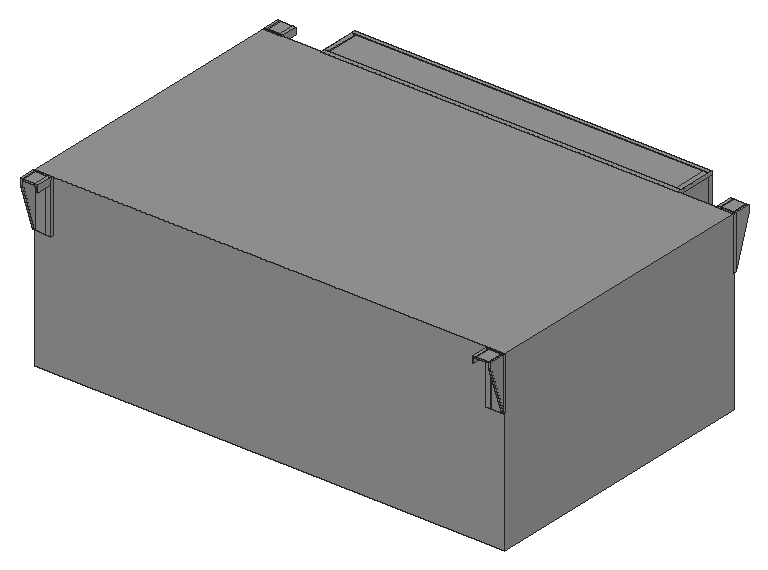
Revit family "НЕВАТОМ_Neiva 2 подвесная C-Е-R 1000, Версия 2", category Оборудование, Revit 2017
Family settings
  Размер круглого соединителя = Использовать диаметр
  Тип детали = Нормальный
  На основе рабочей плоскости = Да
  Всегда вертикально = Нет
  При загрузке вырезать с полостями = Нет
  Общий = Нет
  Точка расчета площади = Нет
Parameters (values of type "C-1000-E-R")
  длина между креплением = 1062 mm
  а ширина = 100 mm
  Default Elevation = 0 mm
  А6 = 320 mm
  А1 = 630 mm
  c = 131 mm
  Nevatom_Производительность = "1000-1800 м³/ч"
  Nevatom_Напорная характеристика, Р1 = 1000.0 Pa
  Nevatom_Напорная характеристика, P = 0.0 Pa
  Nevatom_Мощность нагревателя = 24000 W
  Nevatom_Q1, м³/ч = 2000.0 m³/h
  Nevatom_Q, м³/ч = 1000.0 m³/h
  H щита = 412 mm
  b длина = 835 mm
  Nevatom_Регулятор воздуха [instance] = ""
  Nevatom_Для задания электроснабжения [instance] = "380 В"
  Nevatom_URL [instance] = ""
  L = 1100 mm
  H = 412 mm
  D кабельного ввода PG 36 = 50 mm
  D кабельного ввода PG 21 = 32 mm
  B = 670 mm
  ADSK_Ток = 4.55 A
  ADSK_Расход воздуха = 0.0 m³/h
  ADSK_Размер_Ширина = B  # 670 mm
  ADSK_Размер_Длина = L  # 1100 mm
  ADSK_Размер_Высота = H  # 412 mm
  ADSK_Потеря давления воздуха = 0.0 Pa
  ADSK_Полная мощность = ADSK_Номинальная мощность / ADSK_Коэффициент мощности  # 287.5 VA
  ADSK_Позиция [instance] = ""
  ADSK_Номинальная мощность = 230 W
  ADSK_Напряжение = 230 V
  ADSK_Наименование = "C-1500-E-R"
  ADSK_Материал наименование [instance] = "сталь оцинкованная с покрытием"
  ADSK_Масса = 62  # constant formula
  ADSK_Марка [instance] = "C-1500-E-R"
  ADSK_Коэффициент мощности = 0.8  # constant formula
  ADSK_Количество фаз = 1
  ADSK_Количество = 1  # constant formula
  ADSK_Код изделия [instance] = ""
  ADSK_Классификация нагрузок = Двигатель
  ADSK_Завод-изготовитель [instance] = "NEVATOM"
  ADSK_Единица измерения [instance] = "шт."
Reference planes
  plane 1 "По центру (Вперед/Назад)": y = 0
  plane 2: z = 0
  plane 3 "По центру (Влево/Вправо)": x = 0
  plane 4: y = 335
  plane 5: x = 550
  plane 6: y = -335
  plane 7: x = -550
  plane 8: z = 412
  plane 9: x = 500
  plane 10: x = -500
  plane 11: y = -435
  plane 12: x = -416
  plane 13: x = 419
  plane 14: x = -536.5
  plane 15: x = 525.5
  plane 16: z = 362
  plane 17: z = 412
  plane 18: y = 435
Forms (mm)
  Extrusion 1, solid, material "Сталь, окрашенная, слоновая кость, блестящая"
    sketch origin (0, 1073.759, -352) x (1, 0, 0) y (0, 1, 0)
      loop
        line (-416, -638.759) -> (-416, -738.759) -> (419, -738.759) -> (419, -638.759) -> (-416, -638.759)
    from 352 to 362
  Extrusion 2, solid, material "Сталь, окрашенная, слоновая кость, блестящая"
    sketch origin (0, 0, 0) x (1, 0, 0) y (0, 1, 0)
      loop
        line (-550, 335) -> (-550, -335) -> (550, -335) -> (550, 335) -> (-550, 335)
    from 0 to 412
  Extrusion 3, solid, material "Сталь, окрашенная, слоновая кость, блестящая"
    sketch origin (0, 0, 0) x (1, 0, 0) y (0, 1, 0)
      loop
        line (-416, 335) -> (419, 335) -> (419, 345.139) -> (-416, 345.139) -> (-416, 335)
      loop
        line (-416, 434.49) -> (-416, 424.49) -> (419, 424.49) -> (419, 434.49) -> (-416, 434.49)
    from 0 to 412
  Extrusion 4, solid, material "Сталь, окрашенная, слоновая кость, блестящая"
    sketch origin (0, 0, 0) x (1, 0, 0) y (0, 1, 0)
      loop
        line (-416, 345.139) -> (-405.851, 345.139) -> (-405.851, 424.49) -> (-416, 424.49) -> (-416, 345.139)
    from 0 to 412
  Extrusion 5, solid, material "Сталь, окрашенная, слоновая кость, блестящая"
    sketch origin (761.851, 0, 0) x (1, 0, 0) y (0, 1, 0)
      loop
        line (-353, 345.139) -> (-342.851, 345.139) -> (-342.851, 424.49) -> (-353, 424.49) -> (-353, 345.139)
    from 0 to 412
  Extrusion 6, solid, material "Сталь, окрашенная, слоновая кость, блестящая"
    sketch origin (0, 1073.759, -72) x (1, 0, 0) y (0, 1, 0)
      loop
        line (-416, -638.759) -> (-416, -738.759) -> (419, -738.759) -> (419, -638.759) -> (-416, -638.759)
    from 474 to 484
Lines and regions (mm)
  reference lines
    curve 1: line (-550, -335, 0) -> (-416, -335, 0)
    curve 2: line (-550, -335, 0) -> (-416, -335, 0)
    curve 3: line (-550, -335, 0) -> (-416, -335, 0)
    curve 4: line (550, -335, 0) -> (419, -335, 0)
    curve 5: line (-550, -335, 0) -> (-416, -335, 0)
    curve 6: line (525.5, 0, 3.126) -> (525.5, 0, -1.874)
Dimensions and locks
  equal spacing: plane 7, plane 3 "По центру (Влево/Вправо)", plane 5
  equal spacing: plane 6, plane 1 "По центру (Вперед/Назад)", plane 4
  "B": plane 6 to plane 4
  "L": plane 7 to plane 5
  "а ширина": plane 6 to plane 11
  plane 8 to level = 412 mm
  "длина между креплением": plane 14 to plane 15
  "H": plane 8 to level
  locked: Extrusion 1 to Extrusion 1 at 10
  "b длина": plane 12 to plane 13
  "H щита": plane 17 to level
  "c": plane 13 to plane 5
  "а ширина": plane 18 to plane 4
  locked: Extrusion 3 to nested 9 at 49.502
  locked: Extrusion 3 to nested 8 at 50.222
  locked: Extrusion 3 to nested 7 at 50.222
  locked: Extrusion 3 to nested 6 at 49.27
  locked: Extrusion 3 to nested 10 at 49.49
  locked: Extrusion 3 to nested 5 at 49.49
  locked: Extrusion 6 to Extrusion 6 at 10  (x2)
  aligned and locked: level to plane 2
  aligned and locked: nested 1 to plane 6
  aligned and locked: plane 7 to nested 2
  aligned and locked: plane 4 to nested 2
  aligned and locked: nested 1 to plane 7
  aligned and locked: Extrusion 1 to level
  aligned and locked: Extrusion 2 sketch curve to plane 4
  aligned and locked: Extrusion 2 sketch curve to plane 5
  aligned and locked: Extrusion 2 sketch curve to plane 6
  aligned and locked: Extrusion 2 to level
  aligned and locked: Extrusion 2 to plane 8
  aligned and locked: Extrusion 2 to plane 7
  aligned and locked: plane 6 to nested 3
  aligned and locked: nested 4 to plane 4
  aligned and locked: plane 5 to nested 4
  aligned and locked: nested 3 to plane 5
  aligned and locked: nested 1 to plane 8
  aligned and locked: plane 8 to nested 3
  aligned and locked: nested 4 to plane 8
  aligned and locked: plane 8 to nested 2
  aligned and locked: Extrusion 1 to plane 4
  aligned and locked: plane 18 to Extrusion 1
  aligned and locked: plane 17 to Extrusion 3
  aligned and locked: plane 17 to Extrusion 5
  aligned and locked: plane 17 to Extrusion 4
  aligned and locked: plane 17 to Extrusion 6
Automatic sketch dimensions
  plane 6 to curve 5 = 0 mm
  curve 5 to plane 7 = 0 mm
  curve 2 to plane 7 = 0 mm
  curve 3 to plane 7 = 0 mm
  curve 3 to plane 12 = 0 mm
  plane 6 to curve 4 = 0 mm
  curve 4 to plane 13 = 0 mm
  curve 4 to plane 5 = 0 mm
  curve 6 to plane 15 = 0 mm
  curve 6 to level = 1.874 mm
  level to curve 6 = 3.126 mm
  Extrusion 1 sketch curve to plane 4 = 0 mm
  Extrusion 1 sketch curve to plane 12 = 0 mm
  Extrusion 1 sketch curve to plane 13 = 0 mm
  Extrusion 1 sketch curve to plane 18 = 0 mm
  Extrusion 2 sketch curve to plane 7 = 0 mm
  Extrusion 3 sketch curve to plane 4 = 0 mm
  Extrusion 3 sketch curve to plane 12 = 0 mm  (x2)
  Extrusion 3 sketch curve to plane 13 = 0 mm  (x2)
  Extrusion 3 sketch curve to Extrusion 3 sketch curve = 10.139 mm
  plane 18 to Extrusion 3 sketch curve = 10.51 mm
  plane 18 to Extrusion 3 sketch curve = 0.51 mm
  Extrusion 4 sketch curve to plane 12 = 0 mm
  Extrusion 4 sketch curve to Extrusion 4 sketch curve = 10.149 mm
  plane 18 to Extrusion 4 sketch curve = 10.51 mm
  Extrusion 4 sketch curve to plane 4 = 10.139 mm
  Extrusion 5 sketch curve to plane 13 = 0 mm
  plane 13 to Extrusion 5 sketch curve = 10.149 mm
  plane 18 to Extrusion 5 sketch curve = 10.51 mm
  Extrusion 5 sketch curve to plane 4 = 10.139 mm
  Extrusion 6 sketch curve to plane 4 = 0 mm
  Extrusion 6 sketch curve to plane 12 = 0 mm
  Extrusion 6 sketch curve to plane 13 = 0 mm
  Extrusion 6 sketch curve to plane 18 = 0 mm
Nested families
  nested 1: "NEVATOM_кронштейн" at (-527.156, -354.399, 285.206), type "NEVATOM_кронштейн"
  nested 2: "NEVATOM_кронштейн" at (-527.156, 354.399, 285.206), type "NEVATOM_кронштейн"
  nested 3: "NEVATOM_кронштейн" at (527.156, -354.399, 285.206) x (-1, 0, 0) z (0, 0, 1), type "NEVATOM_кронштейн"
  nested 4: "NEVATOM_кронштейн" at (527.156, 354.399, 285.206) x (-1, 0, 0) z (0, 0, 1), type "NEVATOM_кронштейн"
  nested 5: "NEVATOM_кабельный ввод PG 2" at (294, 385, 0) x (1, 0, 0) z (0, 0, -1), D <- "D кабельного ввода PG 36", type "Кабельный ввод PG"
    with h 35 mm, d 25 mm, D 50 mm
  nested 6: "NEVATOM_кабельный ввод PG 2" at (150, 385.22, 0) x (1, 0, 0) z (0, 0, -1), type "Кабельный ввод PG"
    with h 15.4 mm, d 11 mm, D 22 mm
  nested 7: "NEVATOM_кабельный ввод PG 2" at (91.707, 384.268, 0) x (1, 0, 0) z (0, 0, -1), type "Кабельный ввод PG"
    with h 15.4 mm, d 11 mm, D 22 mm
  nested 8: "NEVATOM_кабельный ввод PG 2" at (51.346, 384.268, 0) x (1, 0, 0) z (0, 0, -1), type "Кабельный ввод PG"
    with h 15.4 mm, d 11 mm, D 22 mm
  nested 9: "NEVATOM_кабельный ввод PG 2" at (11.011, 384.988, 0) x (0, -1, 0) z (0, 0, -1), type "Кабельный ввод PG"
    with h 15.4 mm, d 11 mm, D 22 mm
  nested 10: "NEVATOM_кабельный ввод PG 2" at (214, 385, 0) x (1, 0, 0) z (0, 0, -1), D <- "D кабельного ввода PG 21", type "Кабельный ввод PG"
    with h 22.4 mm, d 16 mm, D 32 mm
  nested 11: "NEVATOM_выключатель пластик" at (429, 401.838, 200) x (0, 1, 0) z (1, 0, 0), type "NEVATOM_выключатель пластик"
  nested 12: "NEVATOM_кабельный ввод PG 2" at (419, 401.838, 112) x (0, 1, 0) z (1, 0, 0), type "Кабельный ввод PG"
    with h 21 mm, d 15 mm, D 30 mm
Connectors
  hvac at (550, 0, 206), driven by "А6", driven by "А1", driven by "ADSK_Расход воздуха"
    settings: on Extrusion 2, index 1, duct flow 0.0 m³/h, flow factor 0, pres drop 0.0 Pa, loss coef 0, conn angle 0.00°, conn width 630 mm, conn height 320 mm, conn diameter 609.6 mm, duct sys type 1, conn prof type 1, flow config 0, flow direction 1, loss method 0, conn ref index 2, conn util no, is conn primary yes, conn desc ""
  hvac at (-550, 0, 206), driven by "А6", driven by "А1", driven by "ADSK_Расход воздуха"
    settings: on Extrusion 2, index 2, duct flow 0.0 m³/h, flow factor 0, pres drop 0.0 Pa, loss coef 0, conn angle 0.00°, conn width 630 mm, conn height 320 mm, conn diameter 609.6 mm, duct sys type 1, conn prof type 1, flow config 0, flow direction 2, loss method 0, conn ref index 1, conn util no, is conn primary no, conn desc ""
  electrical at (294, 385, 0), driven by "ADSK_Количество фаз", driven by "ADSK_Напряжение", driven by "ADSK_Полная мощность"
    settings: on nested 5, index 3, voltage 230 V, apparent load 0 VA, apparent load phase1 287.5 VA, apparent load phase2 0 VA, apparent load phase3 0 VA, power factor 1, load classification "Двигатель", number of poles 1, system type 31, power factor state 1, is connector primary yes, connector utility no, sub classification motor no, connector description ""
  electrical at (214, 385, 0)
    settings: on nested 10, index 4, voltage 0 V, apparent load 0 VA, apparent load phase1 0 VA, apparent load phase2 0 VA, apparent load phase3 0 VA, power factor 1, load classification "Прочее", number of poles 1, system type 5, power factor state 1, is connector primary no, connector utility no, sub classification motor no, connector description ""
  electrical at (150, 385.22, 0)
    settings: on nested 6, index 5, voltage 0 V, apparent load 0 VA, apparent load phase1 0 VA, apparent load phase2 0 VA, apparent load phase3 0 VA, power factor 1, load classification "Прочее", number of poles 1, system type 5, power factor state 1, is connector primary no, connector utility no, sub classification motor no, connector description ""
  electrical at (91.707, 384.268, 0)
    settings: on nested 7, index 6, voltage 0 V, apparent load 0 VA, apparent load phase1 0 VA, apparent load phase2 0 VA, apparent load phase3 0 VA, power factor 1, load classification "Прочее", number of poles 1, system type 5, power factor state 1, is connector primary no, connector utility no, sub classification motor no, connector description ""
  electrical at (51.346, 384.268, 0)
    settings: on nested 8, index 7, voltage 0 V, apparent load 0 VA, apparent load phase1 0 VA, apparent load phase2 0 VA, apparent load phase3 0 VA, power factor 1, load classification "Прочее", number of poles 1, system type 5, power factor state 1, is connector primary no, connector utility no, sub classification motor no, connector description ""
  electrical at (11.011, 384.988, 0)
    settings: on nested 9, index 8, voltage 0 V, apparent load 0 VA, apparent load phase1 0 VA, apparent load phase2 0 VA, apparent load phase3 0 VA, power factor 1, load classification "Прочее", number of poles 1, system type 5, power factor state 1, is connector primary no, connector utility no, sub classification motor no, connector description ""
  electrical at (419, 401.838, 112)
    settings: on nested 12, index 9, voltage 0 V, apparent load 0 VA, apparent load phase1 0 VA, apparent load phase2 0 VA, apparent load phase3 0 VA, power factor 1, load classification "Прочее", number of poles 1, system type 5, power factor state 1, is connector primary no, connector utility no, sub classification motor no, connector description ""
Definition of nested family "NEVATOM_кронштейн"
  Reference planes
    plane 1 "По центру (Вперед/Назад)": y = 0
    plane 2: z = 0
    plane 3 "По центру (Влево/Вправо)": x = 0
  Forms (mm)
    Extrusion 1, solid
      sketch origin (-545.844, 366.399, 0) x (0, 1, 0) y (0, 0, 1)
        loop
          line (-351.118, 126.794) -> (-389, 126.794) -> (-389, 111.794) -> (-351.118, 3.126) -> (-351.118, 126.794)
      from 523 to 527.712
    Extrusion 2, solid
      sketch origin (-545.844, 301.399, 0) x (1, 0, 0) y (0, 0, 1)
        loop
          line (557.712, 126.794) -> (557.712, 123.742) -> (561.763, 123.742) -> (561.763, 111.794) -> (565, 111.794) -> (565, 126.794) -> (557.712, 126.794)
      from 286.118 to 324
    Extrusion 3, solid
      sketch origin (-545.844, 301.399, 20) x (1, 0, 0) y (0, 0, 1)
        loop
          line (565, -16.874) -> (565, 106.794) -> (553, 106.794) -> (553, -16.874) -> (565, -16.874)
      from 282 to 286.118
    Extrusion 4, solid
      sketch origin (-545.844, 301.399, 20) x (1, 0, 0) y (0, 0, 1)
        loop
          line (565, -16.874) -> (565, 106.794) -> (523, 106.794) -> (523, -16.874) -> (565, -16.874)
      from 282 to 286.118
    Extrusion 5, solid
      sketch origin (-545.844, 301.399, 0) x (1, 0, 0) y (0, 0, 1)
        loop
          line (527.712, 126.794) -> (527.712, 123.742) -> (561.763, 123.742) -> (561.763, 111.794) -> (565, 111.794) -> (565, 126.794) -> (527.712, 126.794)
      from 286.118 to 324
  Dimensions and locks
    aligned and locked: level to plane 2
Definition of nested family "NEVATOM_кабельный ввод PG 2"
  Parameters (values of type "Кабельный ввод PG")
    Default Elevation = 1219.2 mm
    h [instance] = 0.7 * D  # 21 mm
    d [instance] = 0.5 * D  # 15 mm
    D [instance] = 30 mm
  Reference planes
    plane 1 "По центру (Вперед/Назад)": y = 0
    plane 2: z = 0
    plane 3 "По центру (Влево/Вправо)": x = 0
    plane 4: y = 15
    plane 5: y = -15
    plane 6: x = -15
    plane 7: x = 15
    plane 8: through (0, 0, 1219.2) normal (-0.7071, 0.7071, 0)
    plane 9: through (0, 0, 1219.2) normal (-0.7071, -0.7071, 0)
    plane 10: through (10.607, -10.607, 1219.2) normal (-0.7071, 0.7071, 0)
    plane 11: through (-10.607, 10.607, 1219.2) normal (-0.7071, 0.7071, 0)
    plane 12: through (10.607, 10.607, 1219.2) normal (-0.7071, -0.7071, 0)
    plane 13: through (-10.607, -10.607, 1219.2) normal (-0.7071, -0.7071, 0)
    plane 14: z = 30
    plane 15: z = 21
  Forms (mm)
    Extrusion 1, solid
      sketch origin (0, 0, 0) x (1, 0, 0) y (0, 1, 0)
        loop
          line (-1219.2, 1219.2) -> (-1219.2, -1219.2) -> (1219.2, -1219.2) -> (1219.2, 1219.2) -> (-1219.2, 1219.2)
      from 0 to -304.8
    Extrusion 2, solid
      sketch origin (0, 0, 0) x (1, 0, 0) y (0, 1, 0)
        loop
          line (-6.213, 15) -> (-15, 6.213) -> (-15, -6.213) -> (-6.213, -15) -> (6.213, -15) -> (15, -6.213) -> (15, 6.213) -> (6.213, 15) -> (-6.213, 15)
      from 0 to 21
    Blend 3, solid
      base sketch origin (0, 0, 0) x (1, 0, 0) y (0, 1, 0)
        loop
          circle (0, 0) r 15
      top sketch origin (0, 0, 0) x (1, 0, 0) y (0, 1, 0)
        loop
          circle (0, 0) r 7.5
      from 21 to 30
    Extrusion 4, void
      sketch origin (0, 0, 0) x (1, 0, 0) y (0, 1, 0)
        loop
          circle (0, 0) r 7.5
      from 0 to 30
  Cuts and joins
    Extrusion 4 cuts Extrusion 2
    Extrusion 4 cuts Blend 3
    joined: Extrusion 2, Blend 3
  Dimensions and locks
    equal spacing: plane 6, plane 3 "По центру (Влево/Вправо)", plane 7
    equal spacing: plane 4, plane 1 "По центру (Вперед/Назад)", plane 5
    "D": plane 6 to plane 7
    "D": plane 4 to plane 5
    equal spacing: plane 11, plane 8, plane 10
    "D": plane 11 to plane 10
    equal spacing: plane 12, plane 9, plane 13
    "D": plane 12 to plane 13
    "D": plane 14 to Extrusion 1
    "h": plane 15 to Extrusion 1
    "D": diameter of Blend 3 sketch curve
    "d": diameter of Blend 3 sketch curve
    "d": diameter of Extrusion 4 sketch curve
    aligned and locked: plane 2 to Extrusion 1
    aligned and locked: level to Extrusion 1
    aligned and locked: Extrusion 2 sketch curve to plane 4
    aligned and locked: Extrusion 2 sketch curve to plane 12
    aligned and locked: plane 7 to Extrusion 2 sketch curve
    aligned and locked: plane 10 to Extrusion 2 sketch curve
    aligned and locked: plane 5 to Extrusion 2 sketch curve
    aligned and locked: plane 13 to Extrusion 2 sketch curve
    aligned and locked: Extrusion 2 sketch curve to plane 6
    aligned and locked: Extrusion 2 sketch curve to plane 11
    aligned and locked: plane 15 to Extrusion 2
    aligned and locked: plane 14 to Blend 3
    aligned and locked: Blend 3 to plane 15
    aligned and locked: plane 14 to Extrusion 4
  Automatic sketch dimensions
    Extrusion 1 sketch curve to Extrusion 1 sketch curve = 2438.4 mm  (x2)
    plane 1 "По центру (Вперед/Назад)" to Blend 3 sketch curve = 0 mm  (x2)
    Blend 3 sketch curve to plane 3 "По центру (Влево/Вправо)" = 0 mm  (x2)
    plane 1 "По центру (Вперед/Назад)" to Extrusion 4 sketch curve = 0 mm
    Extrusion 4 sketch curve to plane 3 "По центру (Влево/Вправо)" = 0 mm
Definition of nested family "NEVATOM_выключатель пластик"
  Parameters (values of type "NEVATOM_выключатель пластик")
    Default Elevation = 1219.2 mm
    h = 18 mm
    b = 44 mm
    a = 44 mm
  Reference planes
    plane 1 "По центру (Вперед/Назад)": y = 0
    plane 2: z = 0
    plane 3 "По центру (Влево/Вправо)": x = 0
    plane 4: x = -22
    plane 5: x = 22
    plane 6: y = -22
    plane 7: y = 22
    plane 8: z = 18
  Forms (mm)
    Extrusion 1, solid
      sketch origin (0, 0, 0) x (1, 0, 0) y (0, 1, 0)
        loop
          line (-22, 22) -> (-22, -22) -> (22, -22) -> (22, 22) -> (-22, 22)
      from 5 to 10
    Extrusion 2, solid
      sketch origin (0, 0, 0) x (1, 0, 0) y (0, 1, 0)
        loop
          circle (0, 0) r 17.083
        loop
          circle (0, 0) r 13.032
      from 10 to 20
    Extrusion 3, solid
      sketch origin (0, 0, 0) x (1, 0, 0) y (0, 1, 0)
        loop
          line (-1.523, -13.032) -> (1.565, -13.032) -> (1.565, 12.938) -> (-1.523, 12.938) -> (-1.523, -13.032)
      from 5 to 20
  Cuts and joins
    joined: Extrusion 1, Extrusion 2
  Dimensions and locks
    equal spacing: plane 7, plane 1 "По центру (Вперед/Назад)", plane 6
    "a": plane 7 to plane 6
    equal spacing: plane 4, plane 3 "По центру (Влево/Вправо)", plane 5
    "b": plane 4 to plane 5
    "h": plane 8 to level
    aligned and locked: level to plane 2
  Automatic sketch dimensions
    Extrusion 1 sketch curve to plane 4 = 0 mm
    Extrusion 1 sketch curve to plane 5 = 0 mm
    Extrusion 1 sketch curve to plane 6 = 0 mm
    Extrusion 1 sketch curve to plane 7 = 0 mm
    Extrusion 2 sketch curve to Extrusion 2 sketch curve = 0 mm  (x2)
    plane 1 "По центру (Вперед/Назад)" to Extrusion 2 sketch curve = 0 mm
    Extrusion 2 sketch curve to plane 3 "По центру (Влево/Вправо)" = 0 mm
    Extrusion 3 sketch curve to plane 3 "По центру (Влево/Вправо)" = 1.523 mm
    plane 3 "По центру (Влево/Вправо)" to Extrusion 3 sketch curve = 1.565 mm
    plane 6 to Extrusion 3 sketch curve = 8.968 mm
    Extrusion 3 sketch curve to plane 7 = 9.062 mm
    radius of Extrusion 2 sketch curve = 17.083 mm
    radius of Extrusion 2 sketch curve = 13.032 mm
